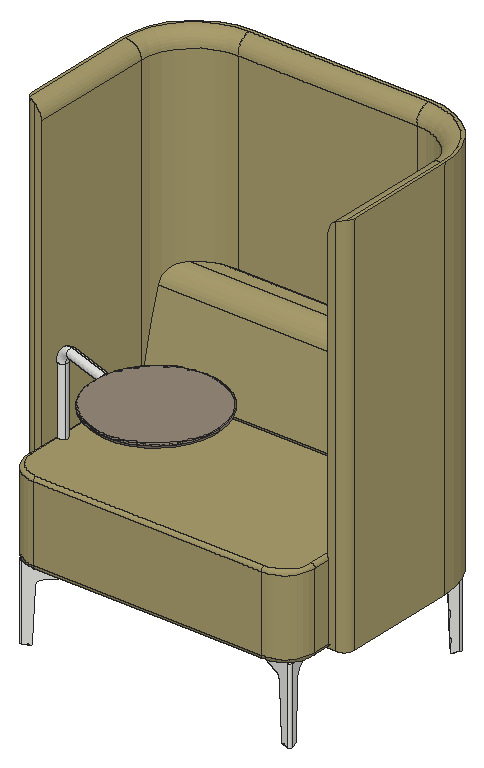
Revit family "NAU_Naughtone_Stng_Pullman15_SEAT15", category Furniture, Revit 2017
Family settings
  OmniClass Number = 23.40.20.00
  OmniClass Title = General Furniture and Specialties
  Work Plane-Based = No
  Always vertical = Yes
  Cut with Voids When Loaded = No
  Shared = Yes
  Room Calculation Point = No
Parameters (values of type "Pullman 1.5 seat sofa with legs and tablet arm PUL15HT")
  WorksurfaceArea = 0.00 m²
  WarrantyStartDate [instance] = "1900-12-31T23:59:59"
  WarrantyGuarantorParts = "sales@naughtone.com"
  WarrantyGuarantorLabor = "sales@naughtone.com"
  WarrantyDurationUnit = "year"
  WarrantyDurationParts = "7"  # constant formula
  WarrantyDurationLabor = "7"  # constant formula
  WarrantyDescription = "Request warranty information from naughtone"
  Version = "1"
  Uniclass2015Version = "Products v1.15"  # constant formula
  Uniclass2015Title = "Chairs, seats and benches"  # constant formula
  Uniclass2015Code = "Pr_40_50_12"  # constant formula
  Uniclass2 = "n/a"
  URL = "www.naughtone.com"
  TagNumber [instance] = "n/a"
  TabletMaterial = NAU_Naughtone_Wood_Oak
  TableOffset = 200 mm
  SustainabilityPerformance = "FSC certified, SCS indoor advantage gold"  # constant formula
  Style = "n/a"
  Size = "900 x 675 x 1300 mm\r\n"  # constant formula
  Shape = "Rectangular"  # constant formula
  SerialNumber [instance] = "n/a"
  SeatingHeight [instance] = 450 mm  # constant formula
  SeatMaterial = NAU_Maharam_Fabric_Teatro_007Yellow
  Revision = "n/a"
  ReplacementCost = "n/a"
  ProductInformation = "www.naughtone.com/products/pullman/"
  NumberOfChairs = 0  # constant formula
  NominalWidth = 675 mm  # constant formula
  NominalLength = 900 mm  # constant formula
  NominalHeight = 1300 mm  # constant formula
  Name = "Seating_Pullman1.5seatsofawithlegsandtabletarm_Naughtone"
  NBSTypeID = "n/a"
  NBSReference = "45-35-72/352"
  NBSOfficeMasterTag = "n/a"
  NBSDescription = "Seating"
  ModelReference = "Pullman 1.5 seat sofa with legs and tablet arm"
  ModelNumber = "PUL15HT"
  Model = ModelNumber  # "PUL15HT"
  Material = "Fabric, plywood frame, foam, steel or wood legs, steel tablet arm, wooden table top"
  ManufacturerURL = "www.naughtone.com"
  ManufacturerName = "Naughtone"  # constant formula
  ManufacturerAddress = "Knaresborough Tech Park, Manse Lane, Knaresborough, HG5 8LF"  # constant formula
  Manufacturer = "sales@naughtone.com"
  MainColor = Color  # "n/a"
  LowestSeatingHeight [instance] = 450 mm  # constant formula
  LegMaterial = NAU_Naughtone_Metal_Steel_White
  Keynote = Uniclass2015Code  # "Pr_40_50_12"
  IsRightTablet = yes
  IsBase = no
  Is4Legs = yes
  InstallationDate [instance] = "1900-12-31T23:59:59"
  IfcExportType = "SOFA"  # constant formula
  IfcExportAs = "IfcFurnishingElementType"
  HighestSeatingHeight [instance] = 450 mm  # constant formula
  Grade = "n/a"
  FrameMaterial = NAU_Naughtone_EPC_White
  Finish = "Fabric upholstery; white EPC/black EPC/oak/walnut legs; whiteEPC/black EPC tablet arm; white MFMDF/black MFMDF/oak veneer MDF/walnut veneerMDF tablet top"
  Features = "n/a"
  ExpectedLife = "n/a"
  DurationUnit = "year"
  Description = ModelReference  # "Pullman 1.5 seat sofa with legs and tablet arm"
  CushionOffset = if(NominalLength = 1900 mm, 700 mm, 10 mm)  # 10 mm
  ContactTelephoneNumber = "+44 (0)1423 816500"  # constant formula
  ContactEmailAddress = "sales@naughtone.com"  # constant formula
  Constituents = "n/a"
  Color = "n/a"  # constant formula
  CodePerformance = "n/a"
  Category = "Pr_40_50_12 : Chairs, seats and benches"  # constant formula
  BoothMaterial = NAU_Maharam_Fabric_Teatro_007Yellow
  BaseMaterial = NAU_Maharam_Fabric_Teatro_007Yellow
  BarCode [instance] = "n/a"
  BIMObjectName = "NAU_Naughtone_Seating_Pullman1.5seatsofawithlegsandtabletarm"
  Author = "BIMBox"  # constant formula
  AssetType = "Movable"
  AssetIdentifier [instance] = "n/a"
  Assembly Code = "E2020200"
  AccessibilityPerformance = "n/a"  # constant formula
Types (4, lengths in mm): name | Name | ModelReference | ModelNumber | Model | Material | IsRightTablet | IsBase | Is4Legs | Finish | Description | BIMObjectName
  Pullman 1.5 seat sofa with legs PUL15H | "Seating_Pullman1.5seatsofawithlegs_Naughtone" | "Pullman 1.5 seat sofa with legs" | "PUL15H" | "PUL15H" | "Fabric, plywood frame, foam, steel or wood legs" | no | no | yes | "Fabric upholstery; white EPC/black EPC/oak/walnut legs" | "Pullman 1.5 seat sofa with legs" | "NAU_Naughtone_Seating_Pullman1.5seatsofawithlegs"
  Pullman 1.5 seat sofa with upholstered plinth PUL15HPL | "Seating_Pullman1.5seatsofawithupholsteredplinth_Naughtone" | "Pullman 1.5 seat sofa with upholstered plinth" | "PUL15HPL" | "PUL15HPL" | "Fabric, plywood frame, foam" | no | yes | no | "Fabric upholstery" | "Pullman 1.5 seat sofa with upholstered plinth" | "NAU_Naughtone_Seating_Pullman1.5seatsofawithupholsteredplinth"
  Pullman 1.5 seat sofa with legs and tablet arm PUL15HT | "Seating_Pullman1.5seatsofawithlegsandtabletarm_Naughtone" | "Pullman 1.5 seat sofa with legs and tablet arm" | "PUL15HT" | "PUL15HT" | "Fabric, plywood frame, foam, steel or wood legs, steel tablet arm, wooden table top" | yes | no | yes | "Fabric upholstery; white EPC/black EPC/oak/walnut legs; whiteEPC/black EPC tablet arm; white MFMDF/black MFMDF/oak veneer MDF/walnut veneerMDF tablet top" | "Pullman 1.5 seat sofa with legs and tablet arm" | "NAU_Naughtone_Seating_Pullman1.5seatsofawithlegsandtabletarm"
  Pullman 1.5 seat sofa with upholstered plinth and tablet arm_PUL15HTPL | "Seating_Pullman1.5seatsofawithupholsteredplinthtablet_Naughtone" | "Pullman 1.5 seat sofa with upholstered plinth and tablet arm" | "PUL15HTPL" | "PUL15HTPL" | "Fabric, plywood frame, foam, steel tablet arm, wooden table top" | yes | yes | no | "Fabric upholstery; whiteEPC/black EPC tablet arm; white MFMDF/black MFMDF/oak veneer MDF/walnut veneerMDF tablet top" | "Pullman 1.5 seat sofa with upholstered plinth and tablet arm" | "NAU_Naughtone_Seating_Pullman1.5seatsofawithupholsteredplinthtablet"
Reference planes
  plane 1 "Back": x = 450
  plane 2: z = 0
  plane 3 "Center (Left/Right)": x = 0
  plane 4: x = -450
  plane 5: y = 324
  plane 6: x = -403.698
  plane 7: x = -412.189
  plane 8: x = 402.649
  plane 9: x = 411.14
  plane 10: y = -351
  plane 11: y = -13.5
  plane 12: y = 273.448
  plane 13: y = -151
  plane 14: z = 701.775
  plane 15: z = 683.774
  plane 16: z = 680.641
  plane 17: x = -387.527
  plane 18: x = 387.527
  plane 19: x = -500
  plane 20: x = 500
  plane 21: x = -410.573
  plane 22: x = -410.573
  plane 23: x = -408.343
  plane 24: y = -328.477
  plane 25: x = 408.343
  plane 26: x = 410.573
  plane 27: y = 276.573
  plane 28: y = 374
  plane 29: z = 212.711
  plane 30: z = 1292.711
  plane 31: through (-348.194, -180.454, 1200) normal (0.3215, 0.9469, 0)
  plane 32: through (348.194, -180.454, 1200) normal (0.3215, -0.9469, 0)
  plane 33: y = -221.25
  plane 34: x = -250
  plane 35: y = -288.477
  plane 36: z = 400.636
  plane 37: z = 218.999
  plane 38: x = -358.876
  plane 39: x = 358.876
  plane 40: y = 306.93
  plane 41: z = 448.761
Forms (mm)
  Extrusion 1, solid, material "NAU_Maharam_Fabric_Teatro_007Yellow" <- "SeatMaterial"
    sketch origin (49.476, -650, 0) x (0, -1, 0) y (1, 0, 0)
      loop
        arc (-923.448, -301.024) -> (-879.661, -406.737) -> (-773.948, -450.524) r 149.5
        line (-773.948, -450.524) -> (-380.989, -450.524)
        arc (-380.989, -450.524) -> (-323.007, -426.507) -> (-298.989, -368.524) r 82
        line (-298.989, -368.524) -> (-298.989, 268.524)
        arc (-298.989, 268.524) -> (-323.007, 326.507) -> (-380.989, 350.524) r 82
        line (-380.989, 350.524) -> (-773.948, 350.524)
        arc (-773.948, 350.524) -> (-879.661, 306.737) -> (-923.448, 201.024) r 149.5
        line (-923.448, 201.024) -> (-923.448, -301.024)
    from 212.711 to 442.875
  Sweep 2, void
    path in 3D
      loop
        arc (318, -351.011, 442.875) -> (375.983, -326.993, 442.875) -> (400, -269.011, 442.875) r 82
        line (400, -269.011, 442.875) -> (400, 123.948, 442.875)
        arc (400, 123.948, 442.875) -> (356.212, 229.661, 442.875) -> (250.5, 273.448, 442.875) r 149.5
        line (250.5, 273.448, 442.875) -> (-251.549, 273.448, 442.875)
        arc (-251.549, 273.448, 442.875) -> (-357.261, 229.661, 442.875) -> (-401.049, 123.948, 442.875) r 149.5
        line (-401.049, 123.948, 442.875) -> (-401.049, -269.011, 442.875)
        arc (-401.049, -269.011, 442.875) -> (-377.032, -326.993, 442.875) -> (-319.049, -351.011, 442.875) r 82
        line (-319.049, -351.011, 442.875) -> (318, -351.011, 442.875)
    profile origin (-0.524, -351.011, 442.875) x (0, 1, 0) y (0, 0, 1)
      loop
        line (0, 0) -> (0, -10)
        arc (0, -10) -> (2.929, -2.929) -> (10, 0) r 10
        line (10, 0) -> (0, 0)
      loop
        line (0, -230.163) -> (10, -230.163)
        arc (10, -230.163) -> (2.929, -227.234) -> (0, -220.163) r 10
        line (0, -220.163) -> (0, -230.163)
  Extrusion 3, solid, material "NAU_Maharam_Fabric_Teatro_007Yellow" <- "SeatMaterial"
    sketch origin (450, 0, 0) x (0, -1, 0) y (0, 0, 1)
      loop
        arc (-130.838, 442.875) -> (-126.147, 445.112) -> (-124.934, 450.166) r 6.036
        line (-124.934, 450.166) -> (-171.878, 671.018)
        arc (-171.878, 671.018) -> (-192.807, 705.173) -> (-230.566, 718.544) r 60
        line (-230.566, 718.544) -> (-266.448, 718.544)
        arc (-266.448, 718.544) -> (-271.398, 716.494) -> (-273.448, 711.544) r 7
        line (-273.448, 711.544) -> (-273.448, 442.875) -> (-130.838, 442.875)
    from -50 to 950
  Extrusion 4, solid, material "NAU_Maharam_Fabric_Teatro_007Yellow" <- "BoothMaterial"
    sketch origin (650, -650, 0) x (0, -1, 0) y (1, 0, 0)
      loop
        arc (-974, -900) -> (-915.421, -1041.421) -> (-774, -1100) r 200
        line (-774, -1100) -> (-458.75, -1100)
        arc (-458.75, -1100) -> (-437.537, -1091.213) -> (-428.75, -1070) r 30
        line (-428.75, -1070) -> (-428.75, -1050) -> (-774, -1050)
        arc (-774, -1050) -> (-880.066, -1006.066) -> (-924, -900) r 150
        line (-924, -900) -> (-924, -400)
        arc (-924, -400) -> (-880.066, -293.934) -> (-774, -250) r 150
        line (-774, -250) -> (-428.75, -250) -> (-428.75, -230)
        arc (-428.75, -230) -> (-437.537, -208.787) -> (-458.75, -200) r 30
        line (-458.75, -200) -> (-774, -200)
        arc (-774, -200) -> (-915.421, -258.579) -> (-974, -400) r 200
        line (-974, -400) -> (-974, -900)
    from 212.711 to 1292.711
  Sweep 5, void
    path in 3D
      loop
        line (-400, -221.25, 1292.711) -> (-400, 124, 1292.711)
        arc (-400, 124, 1292.711) -> (-356.066, 230.066, 1292.711) -> (-250, 274, 1292.711) r 150
        line (-250, 274, 1292.711) -> (250, 274, 1292.711)
        arc (250, 274, 1292.711) -> (356.066, 230.066, 1292.711) -> (400, 124, 1292.711) r 150
        line (400, 124, 1292.711) -> (400, -221.25, 1292.711)
    profile origin (-400, -48.625, 1292.711) x (-1, 0, 0) y (0, 0, 1)
      loop
        line (50, 0) -> (50, 20) -> (-19.448, 20) -> (-19.448, -65) -> (0, -65) -> (0, -41.9)
        arc (0, -41.9) -> (12.272, -12.272) -> (41.9, 0) r 41.9
        line (41.9, 0) -> (50, 0)
  Extrusion 6, void
    sketch origin (650, -650, 0) x (0, -1, 0) y (1, 0, 0)
      loop
        line (-299, -1050) -> (-773.448, -1050)
        arc (-773.448, -1050) -> (-879.514, -1006.066) -> (-923.448, -900) r 150
        line (-923.448, -900) -> (-923.448, -400)
        arc (-923.448, -400) -> (-879.514, -293.934) -> (-773.448, -250) r 150
        line (-773.448, -250) -> (-299, -250) -> (-299, -150) -> (-1024, -150) -> (-1024, -1150) -> (-299, -1150) -> (-299, -1050)
    from 1292.711 to 0
  Extrusion 7, solid, material "NAU_Maharam_Fabric_Teatro_007Yellow" <- "BaseMaterial", visible <- "IsBase"
    sketch origin (0, 0, 0) x (1, 0, 0) y (0, 1, 0)
      loop
        arc (-358.876, -223.477) -> (-328.122, -297.723) -> (-253.876, -328.477) r 105
        line (-253.876, -328.477) -> (253.876, -328.477)
        arc (253.876, -328.477) -> (328.122, -297.723) -> (358.876, -223.477) r 105
        line (358.876, -223.477) -> (358.876, 201.93)
        arc (358.876, 201.93) -> (328.122, 276.176) -> (253.876, 306.93) r 105
        line (253.876, 306.93) -> (-253.876, 306.93)
        arc (-253.876, 306.93) -> (-328.122, 276.176) -> (-358.876, 201.93) r 105
        line (-358.876, 201.93) -> (-358.876, -223.477)
    from 0 to 218.999
  Sweep 8, void
    path in 3D
      loop
        arc (253.876, -328.477, 218.999) -> (328.122, -297.723, 218.999) -> (358.876, -223.477, 218.999) r 105
        line (358.876, -223.477, 218.999) -> (358.876, 201.93, 218.999)
        arc (358.876, 201.93, 218.999) -> (328.122, 276.176, 218.999) -> (253.876, 306.93, 218.999) r 105
        line (253.876, 306.93, 218.999) -> (-253.876, 306.93, 218.999)
        arc (-253.876, 306.93, 218.999) -> (-328.122, 276.176, 218.999) -> (-358.876, 201.93, 218.999) r 105
        line (-358.876, 201.93, 218.999) -> (-358.876, -223.477, 218.999)
        arc (-358.876, -223.477, 218.999) -> (-328.122, -297.723, 218.999) -> (-253.876, -328.477, 218.999) r 105
        line (-253.876, -328.477, 218.999) -> (253.876, -328.477, 218.999)
    profile origin (0, -328.477, 218.999) x (0, 1, 0) y (0, 0, 1)
      loop
        line (0, 0) -> (0, -5)
        arc (0, -5) -> (1.464, -1.464) -> (5, 0) r 5
        line (5, 0) -> (0, 0)
  Sweep 9, void
    path in 3D
      loop
        arc (-253.876, -328.477, 0) -> (-328.122, -297.723, 0) -> (-358.876, -223.477, 0) r 105
        line (-358.876, -223.477, 0) -> (-358.876, 201.93, 0)
        arc (-358.876, 201.93, 0) -> (-328.122, 276.176, 0) -> (-253.876, 306.93, 0) r 105
        line (-253.876, 306.93, 0) -> (253.876, 306.93, 0)
        arc (253.876, 306.93, 0) -> (328.122, 276.176, 0) -> (358.876, 201.93, 0) r 105
        line (358.876, 201.93, 0) -> (358.876, -223.477, 0)
        arc (358.876, -223.477, 0) -> (328.122, -297.723, 0) -> (253.876, -328.477, 0) r 105
        line (253.876, -328.477, 0) -> (-253.876, -328.477, 0)
    profile origin (0, -328.477, 0) x (0, 1, 0) y (0, 0, -1)
      loop
        line (0, 0) -> (0, -5)
        arc (0, -5) -> (1.464, -1.464) -> (5, 0) r 5
        line (5, 0) -> (0, 0)
Cuts and joins
  Sweep 2 cuts Extrusion 1
  Extrusion 6 cuts Extrusion 3
  Sweep 8, Sweep 9 cuts Extrusion 7
  Sweep 5 cuts Extrusion 4
Lines and regions (mm)
  sketch lines
    curve 1: line (-319.049, -351.011, 442.875) -> (318, -351.011, 442.875)
    curve 2: arc (400, -269.011, 442.875) -> (375.983, -326.993, 442.875) -> (318, -351.011, 442.875) r 82
    curve 3: line (400, -269.011, 442.875) -> (400, 123.948, 442.875)
    curve 4: arc (250.5, 273.448, 442.875) -> (356.212, 229.661, 442.875) -> (400, 123.948, 442.875) r 149.5
    curve 5: line (250.5, 273.448, 442.875) -> (-251.549, 273.448, 442.875)
    curve 6: arc (-401.049, 123.948, 442.875) -> (-357.261, 229.661, 442.875) -> (-251.549, 273.448, 442.875) r 149.5
    curve 7: line (-401.049, 123.948, 442.875) -> (-401.049, -269.011, 442.875)
    curve 8: arc (-319.049, -351.011, 442.875) -> (-377.032, -326.993, 442.875) -> (-401.049, -269.011, 442.875) r 82
    curve 9: line (-253.876, -328.477, 218.999) -> (253.876, -328.477, 218.999)
    curve 10: arc (-253.876, -328.477, 218.999) -> (-328.122, -297.723, 218.999) -> (-358.876, -223.477, 218.999) r 105
    curve 11: line (-358.876, 201.93, 218.999) -> (-358.876, -223.477, 218.999)
    curve 12: arc (-358.876, 201.93, 218.999) -> (-328.122, 276.176, 218.999) -> (-253.876, 306.93, 218.999) r 105
    curve 13: line (253.876, 306.93, 218.999) -> (-253.876, 306.93, 218.999)
    curve 14: arc (253.876, 306.93, 218.999) -> (328.122, 276.176, 218.999) -> (358.876, 201.93, 218.999) r 105
    curve 15: line (358.876, -223.477, 218.999) -> (358.876, 201.93, 218.999)
    curve 16: arc (358.876, -223.477, 218.999) -> (328.122, -297.723, 218.999) -> (253.876, -328.477, 218.999) r 105
    curve 17: line (253.876, -328.477, 0) -> (-253.876, -328.477, 0)
    curve 18: arc (253.876, -328.477, 0) -> (328.122, -297.723, 0) -> (358.876, -223.477, 0) r 105
    curve 19: line (358.876, 201.93, 0) -> (358.876, -223.477, 0)
    curve 20: arc (358.876, 201.93, 0) -> (328.122, 276.176, 0) -> (253.876, 306.93, 0) r 105
    curve 21: line (-253.876, 306.93, 0) -> (253.876, 306.93, 0)
    curve 22: arc (-253.876, 306.93, 0) -> (-328.122, 276.176, 0) -> (-358.876, 201.93, 0) r 105
    curve 23: line (-358.876, -223.477, 0) -> (-358.876, 201.93, 0)
    curve 24: arc (-358.876, -223.477, 0) -> (-328.122, -297.723, 0) -> (-253.876, -328.477, 0) r 105
    curve 25: line (-400, -221.25, 1292.711) -> (-400, 124, 1292.711)
    curve 26: arc (-250, 274, 1292.711) -> (-356.066, 230.066, 1292.711) -> (-400, 124, 1292.711) r 150
    curve 27: line (-250, 274, 1292.711) -> (250, 274, 1292.711)
    curve 28: arc (400, 124, 1292.711) -> (356.066, 230.066, 1292.711) -> (250, 274, 1292.711) r 150
    curve 29: line (400, 124, 1292.711) -> (400, -221.25, 1292.711)
Text (mm)
  text "check elevation of table" at (-1980.521, -717.919, 0), in view "Ref. Level"
  text "check materialpram names" at (-1980.521, -837.919, 0), in view "Ref. Level"
Dimensions and locks
  "NominalLength": plane 1 "Back" to plane 4
  Extrusion 4 sketch curve to Extrusion 4 sketch curve to Extrusion 4 sketch curve to plane 4 = 0 mm locked, 170 mm locked, 30 mm locked
  plane 6 to plane 7 to plane 4 = 8.491 mm locked, 37.811 mm locked
  plane 8 to plane 9 to plane 1 "Back" = 8.491 mm locked, 38.86 mm locked
  Extrusion 3 sketch curve to Extrusion 3 sketch curve to Extrusion 3 sketch curve to Extrusion 3 sketch curve to Extrusion 3 sketch curve to plane 2 = 7 mm locked, 53 mm locked, 209.633 mm locked, 6.036 mm locked, 442.875 mm locked
  equal spacing: plane 5, plane 11, plane 10
  "NominalWidth": plane 5 to plane 10
  equal spacing: plane 4, plane 3 "Center (Left/Right)", plane 1 "Back"
  locked: plane 5 to plane 12 at 50.552
  locked: plane 5 to plane 13 at 475
  locked: plane 14 to plane 15 at 18
  locked: plane 15 to plane 16 at 3.133
  locked: plane 4 to plane 17 at 62.473
  locked: plane 18 to plane 1 "Back" at 62.473
  locked: plane 19 to plane 4 at 50
  locked: plane 1 "Back" to plane 20 at 50
  locked: plane 7 to plane 21 at 1.616
  locked: plane 7 to plane 22 at 1.616
  locked: plane 5 to Extrusion 4 sketch curve at 200  (x2)
  locked: plane 7 to plane 23 at 3.846
  locked: plane 10 to plane 24 at 22.523
  locked: plane 25 to plane 9 at 2.797
  locked: plane 27 to plane 12 at 3.125
  locked: plane 26 to plane 1 "Back" at 39.427
  locked: plane 28 to plane 5 at 50
  locked: plane 29 to plane 2 at 212.711
  locked: plane 30 to plane 2 at 1292.711
  locked: plane 19 to Extrusion 6 sketch curve at 250
  locked: plane 28 to Extrusion 6 sketch curve at 250.552  (x2)
  locked: Extrusion 6 sketch curve to plane 20 at 250
  Extrusion 4 sketch curve to Extrusion 4 sketch curve to Extrusion 4 sketch curve to plane 1 "Back" = 0 mm locked, 170 mm locked, 30 mm locked
  locked: plane 33 to plane 10 at 129.75
  locked: plane 35 to plane 10 at 62.523
  "TableOffset": plane 4 to plane 34
  locked: plane 36 to plane 2 at 400.636
  locked: plane 14 to plane 2 at 701.775
  locked: plane 37 to plane 29 at 6.288
  locked: plane 4 to plane 38 at 91.124
  locked: plane 39 to plane 1 "Back" at 91.124
  locked: plane 5 to plane 40 at 17.07
  locked: plane 4 to Extrusion 7 sketch curve at 196.124  (x2)
  locked: plane 5 to Extrusion 7 sketch curve at 122.07  (x2)
  locked: Extrusion 7 sketch curve to plane 10 at 127.523  (x2)
  locked: Extrusion 7 sketch curve to plane 1 "Back" at 196.124  (x2)
  locked: plane 41 to plane 37 at 229.762
  locked: plane 31 to plane 10 (angle 18.7528°)
  locked: plane 10 to plane 32 (angle 18.7528°)
  aligned and locked: level to plane 2
  aligned and locked: Extrusion 4 sketch curve to plane 4
  aligned and locked: Extrusion 3 to plane 19
  aligned and locked: Extrusion 3 to plane 20
  aligned and locked: plane 12 to Extrusion 3
  aligned and locked: Extrusion 3 to plane 12
  aligned and locked: plane 28 to Extrusion 6 sketch curve
  aligned and locked: plane 19 to Extrusion 6 sketch curve
  aligned and locked: Extrusion 6 sketch curve to plane 20
  aligned and locked: plane 10 to Extrusion 6 sketch curve
  aligned and locked: Extrusion 6 to plane 2
  aligned and locked: Extrusion 6 to plane 30
  aligned and locked: Extrusion 6 sketch curve to plane 10
  aligned and locked: Extrusion 6 sketch curve to plane 12
  aligned and locked: Extrusion 4 sketch curve to plane 33
  aligned and locked: plane 33 to Extrusion 4 sketch curve
  aligned and locked: plane 1 "Back" to Extrusion 4 sketch curve
  aligned and locked: plane 37 to nested 2  (x3)
  aligned and locked: nested 1 to plane 37
  aligned and locked: nested 5 to plane 37
  aligned and locked: plane 37 to nested 4
  aligned and locked: Extrusion 7 sketch curve to plane 24
  aligned and locked: Extrusion 7 sketch curve to plane 39
  aligned and locked: Extrusion 7 sketch curve to plane 38
  aligned and locked: Extrusion 7 sketch curve to plane 40
  aligned and locked: Extrusion 7 to plane 37
  aligned and locked: Extrusion 7 to plane 2
Automatic sketch dimensions
  Extrusion 1 sketch curve to plane 12 = 0 mm
  Extrusion 1 sketch curve to plane 8 = 2.649 mm
  plane 11 to Extrusion 1 sketch curve = 137.448 mm  (x2)
  Extrusion 1 sketch curve to plane 24 = 59.466 mm  (x2)
  Extrusion 1 sketch curve to plane 6 = 2.649 mm
  Extrusion 1 sketch curve to plane 10 = 0.011 mm
  Sweep 2 sketch curve to profile plane = 0 mm  (x3)
  Sweep 2 sketch curve to profile plane = 10 mm  (x2)
  Sweep 2 sketch curve to Sweep 2 sketch curve = 210.163 mm
  Extrusion 3 sketch curve to plane 12 = 0 mm
  Extrusion 3 sketch curve to plane 12 = 42.882 mm
  plane 16 to Extrusion 3 sketch curve = 9.623 mm
  Extrusion 3 sketch curve to plane 12 = 142.61 mm
  Extrusion 3 sketch curve to Extrusion 3 sketch curve = 5.904 mm
  Extrusion 4 sketch curve to Extrusion 4 sketch curve = 0 mm  (x3)
  plane 12 to Extrusion 4 sketch curve = 0.552 mm
  Sweep 5 sketch curve to profile plane = 0 mm  (x2)
  profile plane to Sweep 5 sketch curve = 19.448 mm
  Sweep 5 sketch curve to profile plane = 41.9 mm
  Sweep 5 sketch curve to Sweep 5 sketch curve = 8.1 mm
  Sweep 5 sketch curve to Sweep 5 sketch curve = 23.1 mm
  profile plane to Sweep 5 sketch curve = 20 mm
  Sweep 8 sketch curve to profile plane = 0 mm  (x2)
  Sweep 8 sketch curve to Sweep 8 sketch curve = 5 mm
  Sweep 9 sketch curve to profile plane = 0 mm
  profile plane to Sweep 9 sketch curve = 0 mm
  Sweep 9 sketch curve to Sweep 9 sketch curve = 5 mm
Nested families
  nested 1: "NAU_Naughtone_Stng_Pullman_Legs_Nest" at (-439.369, 258.947, 0) x (0.0545, -0.9985, 0) z (0, 0, 1), visible <- "Is4Legs", LegMaterial <- "LegMaterial", type "Standard"
    with LegMaterial NAU_Naughtone_Metal_Steel_White
  nested 2: "NAU_Naughtone_Stng_Pullman_Legs_Nest" at (-420.172, -336.964, 0) x (0.0205, 0.9998, 0) z (0, 0, 1), visible <- "Is4Legs", LegMaterial <- "LegMaterial", type "Standard"
    with LegMaterial NAU_Naughtone_Metal_Steel_White
  nested 3: "NAU_Naughtone_Stng_Pullman_Table_Nest" at (-27.876, -287.974, 9.578) x (1, 0.0055, 0) z (0, 0, 1), FrameMaterial <- "FrameMaterial", TableTopMaterial <- "TabletMaterial", visible <- "IsRightTablet", type "Standard"
    with TableTopMaterial NAU_Naughtone_Wood_Oak, FrameMaterial NAU_Naughtone_EPC_White
  nested 4: "NAU_Naughtone_Stng_Pullman_Legs_Nest" at (439.369, 258.947, 0) x (-0.0545, -0.9985, 0) z (0, 0, 1), visible <- "Is4Legs", LegMaterial <- "LegMaterial", type "Standard"
    with LegMaterial NAU_Naughtone_Metal_Steel_White
  nested 5: "NAU_Naughtone_Stng_Pullman_Legs_Nest" at (420.172, -336.964, 0) x (-0.0205, 0.9998, 0) z (0, 0, 1), visible <- "Is4Legs", LegMaterial <- "LegMaterial", type "Standard"
    with LegMaterial NAU_Naughtone_Metal_Steel_White
Definition of nested family "NAU_Naughtone_Stng_Pullman_Legs_Nest"
  Parameters (values of type "Standard")
    LegMaterial [instance] = none
  Reference planes
    plane 1 "Center (Front/Back)": y = 0
    plane 2: z = 0
    plane 3 "Center (Left/Right)": x = 0
  Forms (mm)
    Extrusion 1, solid, material <- "LegMaterial"
      sketch origin (9.997, 40.77, 0) x (1, 0, 0) y (0, 1, 0)
        loop
          arc (0.355, 8.045) -> (1.75, 1.753) -> (8.042, 0.358) r 5.997
          line (8.042, 0.358) -> (158.972, 55.291)
          arc (158.972, 55.291) -> (162.144, 58.907) -> (160.798, 63.525) r 5
          line (160.798, 63.525) -> (63.521, 160.802)
          arc (63.521, 160.802) -> (58.903, 162.148) -> (55.287, 158.976) r 5
          line (55.287, 158.976) -> (0.355, 8.045)
      from 0 to 218.999
    Extrusion 2, void
      sketch origin (9.997, 40.77, 0) x (-0.707107, -0.707107, 0) y (0, 0, 1)
        loop
          line (-0.481, 0.479) -> (-21.781, 0.479)
          arc (-21.781, 0.479) -> (-25.79, 2.099) -> (-27.548, 6.048) r 5.77
          line (-27.548, 6.048) -> (-32.467, 146.913)
          arc (-32.467, 146.913) -> (-37.752, 161.432) -> (-50.561, 170.072) r 25
          line (-50.561, 170.072) -> (-170.481, 204.458) -> (-170.481, -2.056) -> (-0.481, -2.056) -> (-0.481, 0.479)
      from -80 to 80
    Extrusion 3, void
      sketch origin (9.997, 40.77, 0) x (1, 0, 0) y (0, 1, 0)
        loop
          line (21.994, 71.996) -> (-2.374, 71.996) -> (-2.374, -2.326) -> (71.994, -2.326) -> (71.994, 21.996) -> (26.994, 21.996)
          arc (26.994, 21.996) -> (23.458, 23.461) -> (21.994, 26.996) r 5
          line (21.994, 26.996) -> (21.994, 71.996)
      from 209.95 to 218.999
    Extrusion 4, solid
      sketch origin (9.997, 40.77, 0) x (1, 0, 0) y (0, 1, 0)
        loop
          arc (0.829, 7.885) -> (2.11, 2.111) -> (7.883, 0.831) r 5.504
          line (7.883, 0.831) -> (20.509, 5.426)
          arc (20.509, 5.426) -> (21.777, 6.872) -> (21.239, 8.718) r 1.999
          line (21.239, 8.718) -> (8.722, 21.235)
          arc (8.722, 21.235) -> (6.87, 21.775) -> (5.419, 20.503) r 2.005
          line (5.419, 20.503) -> (0.829, 7.885)
      from 0 to 3.999
  Cuts and joins
    Extrusion 2, Extrusion 3 cuts Extrusion 1
  Dimensions and locks
    aligned and locked: level to plane 2
Definition of nested family "NAU_Naughtone_Stng_Pullman_Table_Nest"
  Parameters (values of type "Table")
    TableTopMaterial [instance] = none
    FrameMaterial [instance] = none
  Reference planes
    plane 1 "Center (Front/Back)": y = 0
    plane 2: z = 0
    plane 3 "Center (Left/Right)": x = 0
    plane 4: through (12.409, -3.407, 1200) normal (-0.3267, -0.9451, 0)
    plane 5: x = -357.654
    plane 6: y = 124.112
    plane 7: z = 692.197
    plane 8: z = 391.058
  Forms (mm)
    Extrusion 1, solid, material <- "TableTopMaterial"
      sketch origin (1142.275, 1145.562, 0) x (1, 0, 0) y (0, 1, 0)
        loop
          circle (-1142.275, -1145.562) r 175
      from 674.191 to 692.191
    Sweep 2, void
      path in 3D
        loop
          arc (-175, 0, 692.191) -> (0, 175, 692.191) -> (175, 0, 692.191) r 175
          arc (175, 0, 692.191) -> (0, -175, 692.191) -> (-175, 0, 692.191) r 175
      profile origin (0, -175, 692.191) x (0, -1, 0) y (0, 0, 1)
        loop
          line (0, -6.001) -> (-11.999, -18) -> (0, -18) -> (0, -6.001)
    Sweep 3, solid, material <- "FrameMaterial"
      path in 3D
        loop
          line (-357.654, 124.112, 391.058) -> (-357.654, 124.112, 621.689)
          arc (-357.654, 124.112, 621.689) -> (-347.499, 120.615, 647.618) -> (-322.982, 112.174, 658.358) r 36.669
          line (-322.982, 112.174, 658.358) -> (44.086, -14.218, 658.358)
      profile origin (-139.448, 48.978, 658.358) x (0, 0, -1) y (0.325568, 0.945519, 0)
        loop
          circle (0, 0) r 12.5
    Extrusion 4, solid, material <- "TableTopMaterial"
      sketch origin (1142.275, 1145.562, 0) x (1, 0, 0) y (0, 1, 0)
        loop
          circle (-1142.275, -1145.562) r 50
      from 671.058 to 674.191
    Sweep 5, void
      path in 3D
        loop
          arc (175, 0, 692.191) -> (0, -175, 692.191) -> (-175, 0, 692.191) r 175
          arc (-175, 0, 692.191) -> (0, 175, 692.191) -> (175, 0, 692.191) r 175
      profile origin (0, 175, 692.191) x (0, 1, 0) y (0, 0, 1)
        loop
          line (0, 0) -> (-2, 0)
          arc (-2, 0) -> (-0.586, -0.586) -> (0, -2) r 2
          line (0, -2) -> (0, 0)
  Cuts and joins
    Sweep 2, Sweep 5 cuts Extrusion 1
  Lines and regions (mm)
    sketch lines
      curve 1: arc (175, 0, 692.191) -> (0, -175, 692.191) -> (-175, 0, 692.191) r 175
      curve 2: arc (-175, 0, 692.191) -> (0, 175, 692.191) -> (175, 0, 692.191) r 175
      curve 3: line (-322.982, 112.174, 658.358) -> (44.086, -14.218, 658.358)
      curve 4: arc (-357.654, 124.112, 621.689) -> (-347.499, 120.615, 647.618) -> (-322.982, 112.174, 658.358) r 36.669
      curve 5: line (-357.654, 124.112, 621.689) -> (-357.654, 124.112, 391.058)
      curve 6: arc (-175, 0, 692.191) -> (0, 175, 692.191) -> (175, 0, 692.191) r 175
      curve 7: arc (175, 0, 692.191) -> (0, -175, 692.191) -> (-175, 0, 692.191) r 175
  Dimensions and locks
    aligned and locked: level to plane 2
